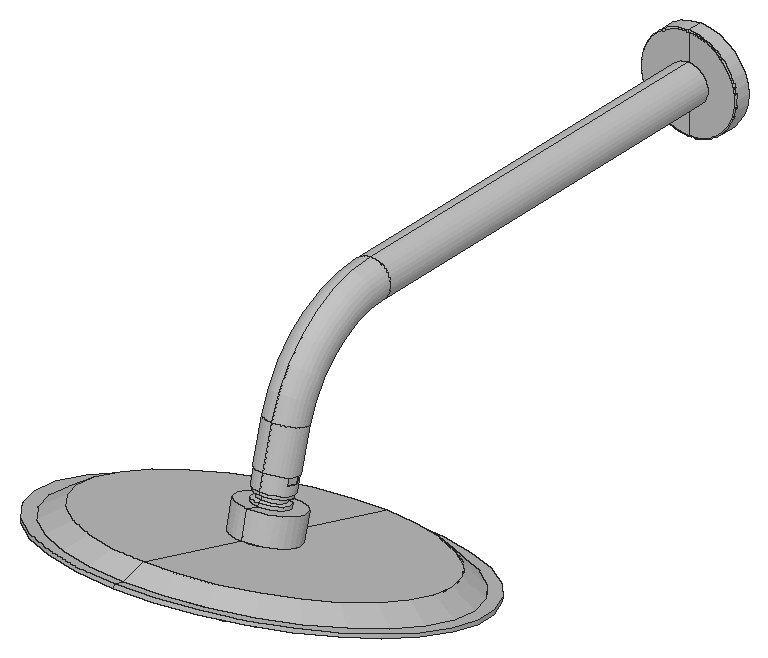
Revit family "Reece_Shower_Milli_Inox_Overhead Shower_With Arm", category Plumbing Fixtures, Revit 2018 (continued)
Definition of nested family "Reece_Shower_Milli_Inox_Shower Head_250 mm_Nested"
  Automatic sketch dimensions
    Revolve 104 sketch curve to Revolve 104 sketch curve = 0 mm  (x2)
Types (2, lengths in mm): name | Keynote
  (no name) | "Product #2252099, Reece_Shower_Milli_Inox_Overhead Shower_With Arm -  "
  Brushed Stainless Steel | "Product #2252099, Reece_Shower_Milli_Inox_Overhead Shower_With Arm - Brushed Stainless Steel"
